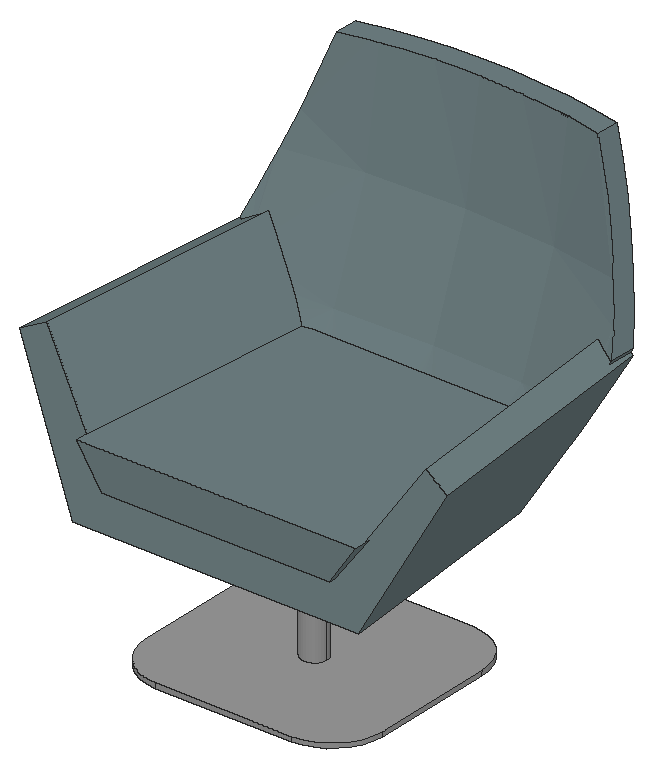
Revit family "FU_Chair_Sandler_Fly Too 063-01", category Furniture, Revit 2020
Family settings
  OmniClass Number = 23.40.20.00
  OmniClass Title = General Furniture and Specialties
  Work Plane-Based = No
  Always vertical = Yes
  Cut with Voids When Loaded = No
  Shared = No
  Room Calculation Point = No
Parameters (values of type "Fly Too 063.01")
  Width = 860 mm
  URL = "https://www.sandlerseating.com/product/fly-too-063-01/"
  Seat [instance] = Fabric - X2 - Polygon AK002
  Model = "Fly Too 063.01"
  Manufacturer = "Sandler"
  Height = 860 mm
  Frame [instance] = Metal - Steel - Polished
  Description = "Swivel armchair on stainless steel base with injected foam shell and inner supporting steel frame. 360 Swivel with memory return."
  Depth = 700 mm
  Default Elevation = 0 mm
Reference planes
  plane 1 "Center (Front/Back)": y = 0
  plane 2: z = 0
  plane 3 "Center (Left/Right)": x = 0
  plane 4 "Right": x = -430
  plane 5 "Left": x = 430
  plane 6 "Back": y = 350
  plane 7 "Front": y = -350
  plane 8 "Height": z = 860
  plane 9 "Seat height": z = 490
  plane 10 "Seat Base RIGHT": z = 252.941
Forms (mm)
  SweptBlend 1, solid, material "Fabric - X2 - Polygon AK002" <- "Seat"
    path origin (0, 0, 252.941) x (0, -1, 0) y (1, 0, 0)
      loop
        line (350, 0) -> (-306.473, 0)
    profile "Pro_FlyToo_SeatFront : Pro_FlyToo_SeatFront" origin (0, -350, 252.941) x (-1, 0, 0) y (0, 0, 1)
      loop
        line (-284.645, 0) -> (284.645, 0) -> (430, 276.458) -> (381.419, 302) -> (227.217, 72.862) -> (-227.217, 72.862) -> (-381.419, 302) -> (-430, 276.458) -> (-284.645, 0)
    end profile "Pro_FlyToo_SeatBack : Pro_FlyToo_SeatBack" origin (0, 306.473, 252.941) x (-1, 0, 0) y (0, 0, 1)
      loop
        line (-218.875, 0) -> (218.875, 0) -> (364.23, 276.458) -> (315.649, 302) -> (161.447, 72.862) -> (-161.447, 72.862) -> (-315.649, 302) -> (-364.23, 276.458) -> (-218.875, 0)
  Sweep 2, solid, material "Fabric - X2 - Polygon AK002" <- "Seat"
    path origin (0, 0, 0) x (0, 1, 0) y (0, 0, 1)
      loop
        arc (95.37, 200.86) -> (287.249, 540.801) -> (351.29, 925.867) r 1123.984
    profile "Pro_FlyToo_SeatTop : Pro_FlyToo_SeatTop" origin (0, 287.249, 540.801) x (0, -0.942976, 0.332861) y (1, 0, 0)
      loop
        line (88.018, -450) -> (136.681, -450)
        arc (136.681, -450) -> (44.804, 0) -> (136.681, 450) r 1147.955
        line (136.681, 450) -> (88.018, 450)
        arc (88.018, 450) -> (0, 0) -> (88.018, -450) r 1194.34
  Sweep 3, void
    path origin (0, 0, 0) x (0, 1, 0) y (0, 0, 1)
      loop
        arc (95.37, 200.86) -> (216.524, 381.178) -> (300.728, 581.435) r 1123.984
    profile "Pro_FlyToo_SeatBack-Cut : Pro_FlyToo_SeatBack-Cut" origin (0, 216.524, 381.178) x (0, -0.880053, 0.474876) y (1, 0, 0)
      loop
        arc (88.018, -450) -> (0, 0) -> (88.018, 450) r 1194.34
        line (88.018, 450) -> (-83.319, 450)
        arc (-83.319, 450) -> (-175.196, 0) -> (-83.319, -450) r 1147.955
        line (-83.319, -450) -> (88.018, -450)
  Extrusion 4, void
    sketch origin (0, 0, 0) x (0, 1, 0) y (0, 0, 1)
      loop
        line (-291.908, 602.941) -> (-405, 602.941) -> (-405, 182.941) -> (230, 182.941) -> (230, 252.941) -> (-350, 252.941) -> (-291.908, 602.941)
    from -500 to 500
  Sweep 5, void
    path origin (0, 0, 0) x (0, 1, 0) y (0, 0, 1)
      loop
        line (-26.19, 252.941) -> (350, 252.941)
    profile "Pro_FlyToo_Seatbase-Cut : Pro_FlyToo_Seatbase-Cut" origin (0, 161.905, 252.941) x (0, 0, 1) y (1, 0, 0)
      loop
        line (0, 218.875) -> (354.046, 405.024) -> (354.046, 545.024) -> (-245.954, 545.024) -> (-245.954, -545.024) -> (354.046, -545.024) -> (354.046, -405.024) -> (0, -218.875) -> (0, 218.875)
  Extrusion 6, void
    sketch origin (0, 0, 0) x (1, 0, 0) y (0, 0, 1)
      loop
        line (-259.676, 860) -> (259.676, 860) -> (372.377, 529.399) -> (577.26, 505.958) -> (577.26, 950.958) -> (-577.26, 950.958) -> (-577.26, 505.958) -> (-372.377, 529.399) -> (-259.676, 860)
    from -376.252 to -118.429
  Extrusion 7, solid, material "Fabric - X2 - Polygon AK002" <- "Seat"
    sketch origin (0, 0, 0) x (1, 0, 0) y (0, 0, 1)
      loop
        line (-276.464, 402.682) -> (-226.005, 325.803) -> (226.005, 325.803) -> (279.297, 402.682) -> (-276.464, 402.682)
    from -150.972 to 350
  Extrusion 8, solid, material "Metal - Steel - Polished" <- "Frame"
    sketch origin (0, 0, 0) x (1, 0, 0) y (0, 1, 0)
      loop
        line (-134.782, -329.387) -> (134.632, -329.387)
        arc (134.632, -329.387) -> (205.343, -300.098) -> (234.632, -229.387) r 100
        line (234.632, -229.387) -> (234.632, 18.232)
        arc (234.632, 18.232) -> (205.343, 88.942) -> (134.632, 118.232) r 100
        line (134.632, 118.232) -> (-134.782, 118.232)
        arc (-134.782, 118.232) -> (-205.493, 88.942) -> (-234.782, 18.232) r 100
        line (-234.782, 18.232) -> (-234.782, -229.387)
        arc (-234.782, -229.387) -> (-205.493, -300.098) -> (-134.782, -329.387) r 100
    from 0 to 9.106
  Extrusion 9, solid, material "Metal - Steel - Polished" <- "Frame"
    sketch origin (0, 0, 0) x (1, 0, 0) y (0, 1, 0)
      loop
        circle (0, -105.575) r 25
    from 0 to 296.575
Cuts and joins
  Sweep 3, Extrusion 4 cuts SweptBlend 1
  Extrusion 4, Sweep 5, Extrusion 6 cuts Sweep 2
Dimensions and locks
  equal spacing: plane 4 "Right", plane 3 "Center (Left/Right)", plane 5 "Left"
  "Width": plane 4 "Right" to plane 5 "Left"
  equal spacing: plane 6 "Back", plane 1 "Center (Front/Back)", plane 7 "Front"
  "Depth": plane 6 "Back" to plane 7 "Front"
  "Height": plane 8 "Height" to level
  plane 9 "Seat height" to level = 490 mm
  aligned and locked: level to plane 2
Automatic sketch dimensions
  Sweep 2 sketch curve to plane 10 "Seat Base RIGHT" = 52.081 mm
  plane 6 "Back" to Sweep 2 sketch curve = 1.29 mm
  plane 8 "Height" to Sweep 2 sketch curve = 65.867 mm
  plane 8 "Height" to Sweep 2 sketch curve = 54.931 mm
  Sweep 2 sketch curve to plane 7 "Front" = 422.641 mm
  plane 8 "Height" to Sweep 3 sketch curve = 54.931 mm
  Sweep 3 sketch curve to plane 7 "Front" = 422.641 mm
  Sweep 3 sketch curve to plane 1 "Center (Front/Back)" = 95.37 mm
  Sweep 3 sketch curve to plane 6 "Back" = 49.272 mm
  plane 9 "Seat height" to Sweep 3 sketch curve = 91.435 mm
  SweptBlend 1 sketch curve to plane 3 "Center (Left/Right)" = 0 mm
  SweptBlend 1 sketch curve to plane 7 "Front" = 0 mm
  SweptBlend 1 sketch curve to plane 6 "Back" = 43.527 mm
  Extrusion 4 sketch curve to plane 7 "Front" = 0 mm
  Extrusion 4 sketch curve to plane 10 "Seat Base RIGHT" = 0 mm
  Extrusion 4 sketch curve to plane 7 "Front" = 55 mm
  Extrusion 4 sketch curve to plane 6 "Back" = 120 mm
  Extrusion 4 sketch curve to plane 10 "Seat Base RIGHT" = 70 mm
  plane 7 "Front" to Extrusion 4 sketch curve = 58.092 mm
  plane 9 "Seat height" to Extrusion 4 sketch curve = 112.941 mm
  Sweep 5 sketch curve to plane 10 "Seat Base RIGHT" = 0 mm
  Sweep 5 sketch curve to plane 6 "Back" = 0 mm
  plane 1 "Center (Front/Back)" to Sweep 5 sketch curve = 26.19 mm
  Extrusion 6 sketch curve to plane 8 "Height" = 0 mm
  plane 4 "Right" to Extrusion 6 sketch curve = 147.26 mm
  Extrusion 6 sketch curve to plane 4 "Right" = 170.324 mm
  plane 5 "Left" to Extrusion 6 sketch curve = 170.324 mm
  plane 5 "Left" to Extrusion 6 sketch curve = 57.623 mm
  Extrusion 6 sketch curve to plane 5 "Left" = 147.26 mm
  plane 9 "Seat height" to Extrusion 6 sketch curve = 39.399 mm  (x2)
  plane 9 "Seat height" to Extrusion 6 sketch curve = 15.958 mm  (x2)
  plane 8 "Height" to Extrusion 6 sketch curve = 90.958 mm
  Extrusion 6 sketch curve to plane 4 "Right" = 57.623 mm
  plane 10 "Seat Base RIGHT" to Extrusion 7 sketch curve = 72.862 mm
  plane 5 "Left" to Extrusion 7 sketch curve = 203.995 mm
  Extrusion 7 sketch curve to plane 4 "Right" = 203.995 mm
  Extrusion 7 sketch curve to Extrusion 7 sketch curve = 50.459 mm
  Extrusion 7 sketch curve to Extrusion 7 sketch curve = 53.292 mm
  Extrusion 7 sketch curve to Extrusion 7 sketch curve = 76.879 mm
  Extrusion 8 sketch curve to plane 1 "Center (Front/Back)" = 18.232 mm  (x2)
  Extrusion 8 sketch curve to plane 4 "Right" = 195.218 mm
  Extrusion 8 sketch curve to plane 1 "Center (Front/Back)" = 118.232 mm
  Extrusion 8 sketch curve to Extrusion 8 sketch curve = 100 mm
  plane 7 "Front" to Extrusion 8 sketch curve = 20.613 mm
  plane 3 "Center (Left/Right)" to Extrusion 8 sketch curve = 134.632 mm  (x2)
  Extrusion 9 sketch curve to plane 3 "Center (Left/Right)" = 0 mm
  plane 1 "Center (Front/Back)" to Extrusion 9 sketch curve = 105.575 mm
  radius of Extrusion 9 sketch curve = 25 mm
